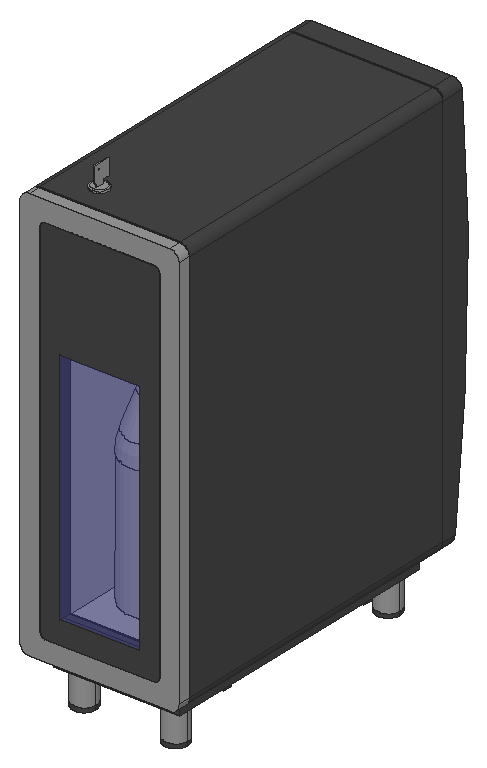
Revit family "Franke_Flavor_Station_FS3-A600_FM_EC_A600_FM_CM_A800_FM_EC(JP)", category Specialty Equipment, Revit 2015
Parameters (values of type "Flavor Station FS3-A600 FM EC,A600 FM CM,A800 FM EC(100V/anthracite/JP)")
  Watts max. = 0 W
  Volts max. = 0 V
  URL = "https://www.franke.com/main/en/cs/products/product-search.html"
  Depth (mm) = 452 mm
  Volts min. = 100 V
  Max Overcurrent Protection = "-"
  Cycle Alternative = 60 Hz
  Cycle = 50 Hz
  Model = "410888 - Flavor Station FS3-A600 FM EC, A600 FM CM, A800 FM EC"
  Watts min. = 0 W
  Cost = 0
  Capacity = "up to 3 bottles"
  Height (mm) = 544 mm
  Manufacturer = "Franke"
  Energy loss acc. to DIN 18873 = "-"
  Width (mm) = 200 mm
  Description = "key module Flavor Station enables the automated and constant dosing of syrup in the coffee / milk"
  Assembly Code = "key module Flavor Station"
  Keynote = "key module Flavor Station"
  Weight = "17 kg"
  Number of Poles = 1
  Number of Protective Conductors = "1"
  Number of Nutral Conductors = "1"
  Frontcover = Franke Anthracite
Types (3, lengths in mm): name | Frontcover
  (no name) | Franke Anthracite
  Flavor Station FS3-A600 FM EC,A600 FM CM,A800 FM EC(100V/black line/JP) | Franke Black
  Flavor Station FS3-A600 FM EC,A600 FM CM,A800 FM EC(100V/anthracite/JP) | Franke Anthracite
Reference planes
  plane 1 "Mitte (Vorne/Hinten)": y = 0
  plane 2: z = 0
  plane 3 "Mitte (Links/Rechts)": x = 0
Forms (mm)
  Revolve 1, solid, material "Franke Glass (coloured)"
    sketch origin (0, -122.422, 0) x (1, 0, 0) y (0, 0, 1)
      loop
        line (0, 119) -> (42.5, 119) -> (42.5, 285)
        arc (42.5, 285) -> (41.359, 298.689) -> (37.969, 312) r 82.717
        arc (37.969, 312) -> (30.026, 334.024) -> (21.951, 356) r 3887.726
        arc (21.951, 356) -> (18.197, 369.268) -> (16.953, 383) r 74.483
        line (16.953, 383) -> (0, 383) -> (0, 119)
      axis (0, 119) -> (0, 383)
    angle from 0 to 360
  Revolve 2, solid, material "Franke Coloured plastic"
    sketch origin (0, -122.422, 0) x (1, 0, 0) y (0, 0, 1)
      loop
        line (0, 383) -> (16.953, 383) -> (16.953, 417) -> (0, 417) -> (0, 383)
      axis (0, 383) -> (0, 417)
    angle from 0 to 360
  Extrusion 3, solid, material "Franke Anthracite" <- "Frontcover"
    sketch origin (0, 0, 0) x (1, 0, 0) y (0, 0, 1)
      loop
        line (88, 585) -> (-88, 585)
        arc (-88, 585) -> (-96.485, 581.485) -> (-100, 573) r 12
        line (-100, 573) -> (-100, 77)
        arc (-100, 77) -> (-96.485, 68.515) -> (-88, 65) r 12
        line (-88, 65) -> (-85, 65) -> (85, 65) -> (88, 65)
        arc (88, 65) -> (96.485, 68.515) -> (100, 77) r 12
        line (100, 77) -> (100, 573)
        arc (100, 573) -> (96.485, 581.485) -> (88, 585) r 12
      loop
        arc (67, 90) -> (72.657, 92.343) -> (75, 98) r 8
        line (75, 98) -> (75, 552)
        arc (75, 552) -> (72.657, 557.657) -> (67, 560) r 8
        line (67, 560) -> (-67, 560)
        arc (-67, 560) -> (-72.657, 557.657) -> (-75, 552) r 8
        line (-75, 552) -> (-75, 98)
        arc (-75, 98) -> (-72.657, 92.343) -> (-67, 90) r 8
        line (-67, 90) -> (67, 90)
    from 199.53 to 214.53
  Extrusion 4, solid, material "Franke Black"
    sketch origin (0, 0, 0) x (1, 0, 0) y (0, 0, 1)
      loop
        arc (-67, 560) -> (-72.657, 557.657) -> (-75, 552) r 8
        line (-75, 552) -> (-75, 98)
        arc (-75, 98) -> (-72.657, 92.343) -> (-67, 90) r 8
        line (-67, 90) -> (67, 90)
        arc (67, 90) -> (72.657, 92.343) -> (75, 98) r 8
        line (75, 98) -> (75, 552)
        arc (75, 552) -> (72.657, 557.657) -> (67, 560) r 8
        line (67, 560) -> (-67, 560)
      loop
        line (-50, 417) -> (-50, 119) -> (50, 119) -> (50, 417) -> (-50, 417)
    from 199.53 to 214.53
  Extrusion 5, solid, material "Franke Glass"
    sketch origin (0, 0, 0) x (1, 0, 0) y (0, 0, 1)
      loop
        line (-50, 417) -> (-50, 119) -> (50, 119) -> (50, 417) -> (-50, 417)
    from 209.53 to 214.53
  Extrusion 6, solid, material "Franke Black"
    sketch origin (0, 0, 0) x (1, 0, 0) y (0, 0, 1)
      loop
        line (88, 585) -> (-88, 585)
        arc (-88, 585) -> (-96.485, 581.485) -> (-100, 573) r 12
        line (-100, 573) -> (-100, 77)
        arc (-100, 77) -> (-96.485, 68.515) -> (-88, 65) r 12
        line (-88, 65) -> (-85, 65) -> (85, 65) -> (88, 65)
        arc (88, 65) -> (96.485, 68.515) -> (100, 77) r 12
        line (100, 77) -> (100, 573)
        arc (100, 573) -> (96.485, 581.485) -> (88, 585) r 12
    from -198.03 to 198.03
  Extrusion 7, void
    sketch origin (0, 0, 0) x (1, 0, 0) y (0, 0, 1)
      loop
        line (-55, 422) -> (-55, 114) -> (55, 114) -> (55, 422) -> (-55, 422)
    from 4.53 to 267.821
  Extrusion 8, solid, material "Franke Black"
    sketch origin (0, 0, 0) x (0, 1, 0) y (0, 0, 1)
      loop
        line (186.97, 65) -> (-188.03, 65) -> (-188.03, 45) -> (186.97, 45) -> (186.97, 65)
    from -79 to 79
  Extrusion 9, solid, material "Franke Black"
    sketch origin (0, 0, 0) x (0, 1, 0) y (0, 0, 1)
      loop
        line (199.53, 585) -> (199.53, 65) -> (216.03, 65)
        arc (216.03, 65) -> (224.982, 150.997) -> (233.478, 237.039) r 16328.175
        arc (233.478, 237.039) -> (233.864, 241.879) -> (234.093, 246.728) r 150
        arc (234.093, 246.728) -> (236.227, 326.074) -> (237.701, 405.435) r 9548.581
        arc (237.701, 405.435) -> (237.699, 406.999) -> (237.648, 408.563) r 50
        arc (237.648, 408.563) -> (233.118, 496.797) -> (228.03, 585) r 14002.549
        line (228.03, 585) -> (199.53, 585)
    from -100 to 100
  Extrusion 10, void
    sketch origin (0, 0, 0) x (1, 0, 0) y (0, 0, 1)
      loop
        line (-88, 585) -> (-88, 595) -> (-110, 595) -> (-110, 573) -> (-100, 573)
        arc (-100, 573) -> (-96.485, 581.485) -> (-88, 585) r 12
      loop
        arc (88, 585) -> (96.485, 581.485) -> (100, 573) r 12
        line (100, 573) -> (110, 573) -> (110, 595) -> (88, 595) -> (88, 585)
      loop
        arc (-88, 65) -> (-96.485, 68.515) -> (-100, 77) r 12
        line (-100, 77) -> (-110, 77) -> (-110, 55) -> (-88, 55) -> (-88, 65)
      loop
        line (88, 65) -> (88, 55) -> (110, 55) -> (110, 77) -> (100, 77)
        arc (100, 77) -> (96.485, 68.515) -> (88, 65) r 12
    from -305.226 to 299.817
  Revolve 11, solid, material "Franke Chrome"
    sketch origin (-42, 0, 0) x (0, 1, 0) y (0, 0, 1)
      loop
        line (-162.53, 588) -> (-172.563, 588)
        arc (-172.563, 588) -> (-173.27, 587.707) -> (-173.563, 587) r 1
        line (-173.563, 587) -> (-173.563, 585) -> (-162.53, 585) -> (-162.53, 588)
      axis (-162.53, 588) -> (-162.53, 585)
    angle from 0 to 360
  Extrusion 12, solid, material "Franke Chrome"
    sketch origin (0, 0, 0) x (1, 0, 0) y (0, 1, 0)
      loop
        circle (57.5, -167.03) r 15
      loop
        circle (57.5, 166.47) r 15
      loop
        circle (-57.5, -167.03) r 15
      loop
        circle (-57.5, 166.47) r 15
    from 5 to 45
  Extrusion 13, solid, material "Franke Black"
    sketch origin (0, 0, 10) x (0, -1, 0) y (1, 0, 0)
      loop
        circle (167.03, -57.5) r 15
      loop
        circle (-166.47, -57.5) r 15
      loop
        circle (167.03, 57.5) r 15
      loop
        circle (-166.47, 57.5) r 15
    from -10 to -5
  Extrusion 14, solid, material "Franke Black"
    sketch origin (0, 0, 0) x (1, 0, 0) y (0, 1, 0)
      loop
        line (-76.6, 116.47) -> (-76.6, 104.47) -> (-62.6, 104.47) -> (-62.6, 116.47) -> (-76.6, 116.47)
      loop
        line (-76.6, -104.03) -> (-76.6, -116.03) -> (-62.6, -116.03) -> (-62.6, -104.03) -> (-76.6, -104.03)
      loop
        line (76.6, 116.47) -> (62.6, 116.47) -> (62.6, 104.47) -> (76.6, 104.47) -> (76.6, 116.47)
      loop
        line (76.6, -104.03) -> (62.6, -104.03) -> (62.6, -116.03) -> (76.6, -116.03) -> (76.6, -104.03)
    from 40 to 45
  Extrusion 15, solid, material "Franke internal space FS3"
    sketch origin (0, 0, 0) x (1, 0, 0) y (0, 0, 1)
      loop
        line (55, 422) -> (-55, 422) -> (-55, 114) -> (55, 114) -> (55, 422)
      loop
        line (50, 417) -> (-50, 417) -> (-50, 119) -> (50, 119) -> (50, 417)
    from 0 to 198.03
  Extrusion 16, solid
    sketch origin (0, 0, 0) x (1, 0, 0) y (0, 0, 1)
      loop
        line (-90, 75) -> (90, 75) -> (90, 575) -> (-90, 575) -> (-90, 75)
      loop
        line (55, 422) -> (-55, 422) -> (-55, 114) -> (55, 114) -> (55, 422)
    from 198.03 to 199.53
  Extrusion 17, solid
    sketch origin (0, 397.56, 0) x (1, 0, 0) y (0, 0, 1)
      loop
        line (-90, 75) -> (90, 75) -> (90, 575) -> (-90, 575) -> (-90, 75)
    from 198.03 to 199.53
  Extrusion 18, solid, material "Franke Chrome"
    sketch origin (0, 0, 0) x (0, 1, 0) y (0, 0, 1)
      loop
        arc (-169.199, 613) -> (-169.907, 612.707) -> (-170.199, 612) r 1
        line (-170.199, 612) -> (-170.199, 594)
        arc (-170.199, 594) -> (-169.907, 593.293) -> (-169.199, 593) r 1
        line (-169.199, 593) -> (-167.163, 593) -> (-167.163, 588) -> (-157.898, 588) -> (-157.898, 593) -> (-149.885, 593)
        arc (-149.885, 593) -> (-149.178, 593.293) -> (-148.885, 594) r 1
        line (-148.885, 594) -> (-148.885, 612)
        arc (-148.885, 612) -> (-149.178, 612.707) -> (-149.885, 613) r 1
        line (-149.885, 613) -> (-169.199, 613)
      loop
        circle (-164.449, 607.092) r 2
    from -43 to -41
  Extrusion 19, solid, material "Franke Chrome"
    sketch origin (0, 0, 0) x (1, 0, 0) y (0, 1, 0)
      loop
        circle (0, 147.268) r 2.5
    from 40 to 45
Cuts and joins
  Extrusion 10 cuts Extrusion 9
  Extrusion 7 cuts Extrusion 6
Dimensions and locks
  aligned and locked: level to plane 2
Connectors
  electrical at (0, 147.268, 40), driven by "Volts min.", driven by "Number of Poles"
    settings: on Extrusion 19, index 1, voltage 100 V, apparent load 0 VA, apparent load phase1 0 VA, apparent load phase2 0 VA, apparent load phase3 0 VA, power factor 1, load classification "Strom", number of poles 1, system type 31, power factor state 1, is connector primary yes, connector utility no, sub classification motor no, connector description ""
